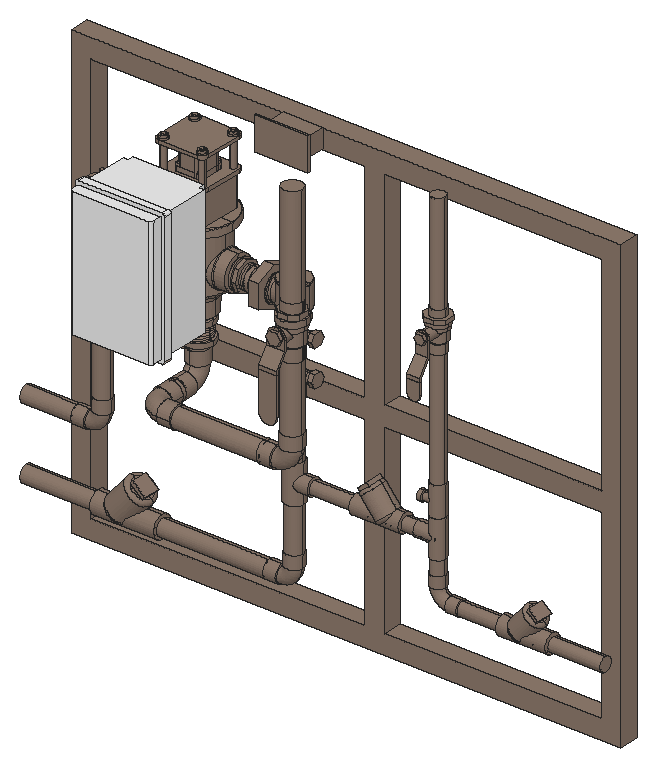
Revit family "Mixing_Valve-Leonard_Valve_Company-NV_150_LF_IF_R100-1", category Pipe Accessories, Revit 2015
Parameters (values of type "NV-150-LF-IF-R100")
  Youtube clip = ""
  Weight Net (Kg) = "0"
  Uniformat II Description = ""
  Uniformat II Code = ""
  Uniclass 2015 Name = ""
  Uniclass 2015 Code = ""
  Uniclass 2.0 Description = ""
  Uniclass 2.0 Code = ""
  Uniclass 1.4 Description = ""
  Uniclass 1.4 Code = ""
  URL = "http://www.leonardvalve.com/"
  UNSPSC Code = "401416"
  Technical description = ""
  Valve Box Material = Steel-Leonard_Valve_Company-Baked_White
  Return Outlet Flow [instance] = 0.0 L/s
  Return Inlet Flow [instance] = 0.0 L/s
  Region South America = "None"
  Region Oceania = "None"
  Region North America = "US"
  Region Middle East = "None"
  Region Europe = "None"
  Region Asia = "None"
  Region Antarctica = "None"
  Region Africa = "None"
  QR code = "http://bimobject.com/leonardvalvecompany/product/nv-150-lf-if-r100"
  Product url = "http://www.leonardvalvecompany.com/nucleus.html"
  Product group = "Digitally Controlled Mixing Valves"
  Product family = "Mixing Valves for Liquid Services"
  Product data url = "https://bimobject.com/leonardvalvecompany/product/nv-150-lf-if-r100"
  Product certification = ""
  Product SKU = "nv-150-lf-if-r100"
  Product Guid = "187b3c3c-c397-4c07-ba82-121bc6b99f2b"
  Pipe Radius .625 = 0.6875"
  Pipe Radius .75 = 0.8125"
  Pipe Radius .5 = 0.5625"
  OmniClass Description = "Mixing Valves"
  OmniClass Code = "23-27 31 29"
  Nominal width = 0.0000"
  Nominal height = 0.0000"
  NBS Reference Description = ""
  NBS Reference Code = ""
  Model = "NV-150-LF-IF-R100"
  Mixed Outlet Flow [instance] = 0.0 L/s
  Material secondary = ""
  Material main = ""
  Masterformat 2014 Description = ""
  Masterformat 2014 Code = ""
  Manufacturer name = "Leonard Valve Company"
  Manufacturer country = "United States"
  Manufacturer = "Leonard Valve Company"
  Installation instructions = ""
  IFC Classification = "Valve"
  Hot Water Inlet Flow [instance] = 0.0 L/s
  Edition number = 1
  EAN code = ""
  Design country = "United States"
  Description = "The Nucleus Digitally Controlled Mixing Valve from Leonard Valve Company serves as the central monitor & control of a Domestic Hot Water System. The Nucleus Digitally Controlled Mixing Valve capabilities include:\r\n\r\n+/- 2°F Mixed Water Temperature in accordance with ASSE 1017-2009.\r\n+/- 2°F Mixed Water Temperature during periods of low or no system demand\r\n0.5 GPM Minimum Flow with Continuously Operating Recirculation Pump\r\nAutomatic Shutoff of Valve upon Cold or Hot Supply Failure\r\nSystem Setup & Commissioning from Nucleus Control Module–no PC or Laptop Required\r\nLCD Display & Sensor Indicators – Set Point Temperature & Actual Temperature\r\nBMS Interface – Native Support for Six Different Protocols including BACnet & Modbus\r\nEthernet Connection for PC or LAN for Valve Programming or Interrogation\r\nWeb Server to remotely monitor & control Nucleus Mixing Valve\r\nData Logger – stores up to 30 days of temperatures, pressure & flows\r\nNucleus is UL Listed & Approved to E484833. Eco-Mix Certified Lead Free Construction"
  Date of publishing = ""
  Chilled Water Inlet Flow [instance] = 0.0 L/s
  COBIe Type Category = ""
  Pipe Material = Bronze-Leonard_Valve_Company
  Brand url = "http://www.leonardvalve.com/"
  BIMobject category = "Valves"
Reference planes (in)
  plane 1 "Center (Front/Back)": y = 0
  plane 2: z = 0
  plane 3 "Center (Left/Right)": x = 0
  plane 4: y = -8.14269
  plane 5: z = 11.5625
  plane 6: z = 5.5625
  plane 7: z = 13
  plane 8: x = 8.04034
  plane 9: x = -8.02027
  plane 10: x = 11.89287
  plane 11: x = 20.08037
  plane 12: z = 8.25
  plane 13: y = -5.02593
  plane 14: y = -10.05593
  plane 15: z = 17.8675
Forms (in)
  Sweep 1, solid, material "Bronze-Leonard_Valve_Company" <- "Pipe Material", detail levels fine
    path origin (7.32932, -10.05593, 77.8675) x (0, 0, 1) y (1, 0, 0)
      loop
        line (-60, -5.01932) -> (-60, 2.44105)
    profile "Fitting-Profile_R0.75 : Fitting-Profile_R0.75" origin (6.04018, -10.05593, 17.8675) x (0, 0, -1) y (0, 1, 0)
      loop
        circle (0, 0) r 0.8125
  Sweep 2, solid, material "Bronze-Leonard_Valve_Company" <- "Pipe Material", detail levels fine
    path origin (0, -5.02593, 27.13433) x (1, 0, 0) y (0, 0, 1)
      loop
        line (-8.02027, -6.393) -> (-8.02027, -13.53433)
    profile "Fitting-Profile_R0.625 : Fitting-Profile_R0.625" origin (-8.02027, -5.02593, 17.17067) x (1, 0, 0) y (0, -1, 0)
      loop
        circle (0, 0) r 0.6875
  Sweep 3, solid, material "Bronze-Leonard_Valve_Company" <- "Pipe Material", detail levels fine
    path origin (0, -5.02593, 27.13433) x (1, 0, 0) y (0, 0, 1)
      loop
        line (-14.37963, -15.57183) -> (-10.07527, -15.57183)
    profile "Fitting-Profile_R0.625 : Fitting-Profile_R0.625" origin (-12.22745, -5.02593, 11.5625) x (0, 0, 1) y (0, -1, 0)
      loop
        circle (0, 0) r 0.6875
  Sweep 4, solid, material "Bronze-Leonard_Valve_Company" <- "Pipe Material", detail levels fine
    path origin (0, -5.02593, 27.13433) x (1, 0, 0) y (0, 0, 1)
      loop
        line (8.04034, -7.94403) -> (8.04034, -19.53433)
    profile "Fitting-Profile_R0.625 : Fitting-Profile_R0.625" origin (8.04034, -5.02593, 13.39515) x (1, 0, 0) y (0, -1, 0)
      loop
        circle (0, 0) r 0.6875
  Sweep 5, solid, material "Bronze-Leonard_Valve_Company" <- "Pipe Material", detail levels fine
    path origin (0, -5.02593, 27.13433) x (1, 0, 0) y (0, 0, 1)
      loop
        line (5.98534, -21.57183) -> (-14.37963, -21.57183)
    profile "Fitting-Profile_R0.625 : Fitting-Profile_R0.625" origin (-4.19715, -5.02593, 5.5625) x (0, 0, -1) y (0, -1, 0)
      loop
        circle (0, 0) r 0.6875
  Sweep 6, solid, material "Bronze-Leonard_Valve_Company" <- "Pipe Material", detail levels fine
    path origin (0, -5.02593, 27.13433) x (1, 0, 0) y (0, 0, 1)
      loop
        line (22.05537, -18.88433) -> (34.08037, -18.88433)
    profile "Fitting-Profile_R0.50 : Fitting-Profile_R0.50" origin (28.06787, -5.02593, 8.25) x (0, 0, 1) y (0, -1, 0)
      loop
        circle (0, 0) r 0.5625
  Extrusion 7, solid, material "Bronze-Leonard_Valve_Company" <- "Pipe Material", detail levels fine
    sketch origin (-78.74016, 0, 74.37843) x (-1, 0, 0) y (0, 0, 1)
      loop
        line (-65.40739, -36.62843) -> (-111.40739, -36.62843) -> (-111.40739, -74.37843) -> (-65.40739, -74.37843) -> (-65.40739, -36.62843)
      loop
        line (-67.04053, -38.25843) -> (-89.96989, -38.25843) -> (-89.96989, -55.62843) -> (-67.04053, -55.62843) -> (-67.04053, -38.25843)
      loop
        line (-67.04053, -57.25343) -> (-89.96989, -57.25343) -> (-89.96989, -72.75843) -> (-67.04053, -72.75843) -> (-67.04053, -57.25343)
      loop
        line (-91.59489, -57.25343) -> (-109.79053, -57.25343) -> (-109.79053, -72.75843) -> (-91.59489, -72.75843) -> (-91.59489, -57.25343)
      loop
        line (-91.59489, -38.25843) -> (-109.79053, -38.25843) -> (-109.79053, -55.62843) -> (-91.59489, -55.62843) -> (-91.59489, -38.25843)
    from 0 to -1.63
  Sweep 8, solid, material "Bronze-Leonard_Valve_Company" <- "Pipe Material", detail levels fine
    path origin (-0.1875, -5.02593, 27.13433) x (1, 0, 0) y (0, 0, 1)
      loop
        line (20.26787, 11.45567) -> (20.26787, -16.90433)
    profile "Fitting-Profile_R0.50 : Fitting-Profile_R0.50" origin (20.08037, -5.02593, 24.41) x (1, 0, 0) y (0, -1, 0)
      loop
        circle (0, 0) r 0.5625
  Sweep 9, solid, material "Bronze-Leonard_Valve_Company" <- "Pipe Material", detail levels fine
    path origin (11.17287, -10.05593, 18.5875) x (0, 0, 1) y (-1, 0, 0)
      loop
        line (19.98, -0.72) -> (1.59, -0.72)
    profile "Fitting-Profile_R0.75 : Fitting-Profile_R0.75" origin (11.89287, -10.05593, 29.3725) x (1, 0, 0) y (0, -1, 0)
      loop
        circle (0, 0) r 0.8125
  Sweep 10, solid, material "Bronze-Leonard_Valve_Company" <- "Pipe Material", detail levels fine
    path origin (0, -5.02593, 26.76903) x (1, 0, 0) y (0, 0, 1)
      loop
        line (9.69534, -13.76903) -> (20.26787, -13.76903)
    profile "Fitting-Profile_R0.50 : Fitting-Profile_R0.50" origin (14.9816, -5.02593, 13) x (0, 0, 1) y (0, -1, 0)
      loop
        circle (0, 0) r 0.5625
  Sweep 11, solid, material "Bronze-Leonard_Valve_Company" <- "Pipe Material", detail levels fine
    path origin (0, 0, 0) x (0, 1, 0) y (0, 0, 1)
      loop
        line (-7.74593, 17.8675) -> (-7.33593, 17.8675)
    profile "Fitting-Profile_R0.75 : Fitting-Profile_R0.75" origin (0, -7.54093, 17.8675) x (0, 0, 1) y (1, 0, 0)
      loop
        circle (0, 0) r 0.8125
  Extrusion 12, solid, material "Bronze-Leonard_Valve_Company" <- "Pipe Material", detail levels fine
    sketch origin (-80.20309, -3.76, 80.2105) x (-1, 0, 0) y (0, 0, 1)
      loop
        line (-84.03408, -41.8405) -> (-88.54698, -41.8405) -> (-88.54698, -44.59504) -> (-84.03408, -44.59504) -> (-84.03408, -41.8405)
    from 0 to -0.2
  Extrusion 13, solid, material "Bronze-Leonard_Valve_Company" <- "Pipe Material", detail levels fine
    sketch origin (-80.20309, -3.76, 80.2105) x (-1, 0, 0) y (0, 0, 1)
      loop
        line (-84.63408, -42.4405) -> (-87.92928, -42.4405) -> (-87.92928, -43.99504) -> (-84.63408, -43.99504) -> (-84.63408, -42.4405)
    from 0 to 2.13
Lines and regions (in)
  Masking region 1, detail levels coarse+medium
    outline origin (0, 0, 0) x (1, 0, 0) y (0, 1, 0)
      loop
        circle (0, -5.02593) r 2.90334
  model lines, detail levels coarse+medium
    curve 1: line (8.04034, -5.02593, 24.9903) -> (8.04034, -5.02593, 22.8093)
    curve 2: line (-8.02027, -5.02593, 26.54133) -> (-8.02027, -5.02593, 28.37808)
    curve 3: line (-8.02027, -5.02593, 28.37808) -> (-3.73963, -5.02593, 28.37808)
    curve 4: line (-3.73963, -5.02593, 34.96) -> (3.73963, -5.02593, 34.96)
    curve 5: line (-3.73963, -5.02593, 23.617) -> (-3.73963, -5.02593, 34.96)
    curve 6: line (3.73963, -5.02593, 23.617) -> (-3.73963, -5.02593, 23.617)
    curve 7: line (3.73963, -5.02593, 34.96) -> (3.73963, -5.02593, 23.617)
    curve 8: line (8.04034, -5.02593, 26.82723) -> (8.04034, -5.02593, 24.9903)
    curve 9: line (-10.07527, -5.02593, 11.5625) -> (-14.37963, -5.02593, 11.5625)
    curve 10: line (-14.37963, -5.02593, 5.5625) -> (-8.36163, -5.02593, 5.5625)
    curve 11: line (-3.01763, -5.02593, 5.5625) -> (5.98534, -5.02593, 5.5625)
    curve 12: line (8.04034, -5.02593, 11.7963) -> (8.04034, -5.02593, 7.6)
    curve 13: line (8.04034, -5.02593, 19.1903) -> (8.04034, -5.02593, 14.569)
    curve 14: line (22.24287, -5.02593, 8.25) -> (25.54587, -5.02593, 8.25)
    curve 15: line (29.66487, -5.02593, 8.25) -> (34.08037, -5.02593, 8.25)
    curve 16: line (-8.02027, -5.02593, 20.74133) -> (-8.02027, -5.02593, 13.6)
    curve 17: line (0, -5.02593, 23.617) -> (0, -5.02593, 19.78063)
    curve 18: line (2.31, -10.05593, 17.8675) -> (9.69534, -10.05593, 17.8675)
    curve 19: line (20.08037, -5.02593, 11.83696) -> (20.08037, -5.02593, 10.23)
    curve 20: line (20.08037, -5.02593, 38.59) -> (20.08037, -5.02593, 30.43503)
    curve 21: line (11.89287, -10.05593, 38.59) -> (11.89287, -10.05593, 30.22018)
    curve 22: line (9.69534, -5.02593, 13) -> (13.24587, -5.02593, 13)
    curve 23: line (17.17737, -5.02593, 13) -> (18.48624, -5.02593, 13)
    curve 24: line (20.08037, -5.02593, 14.59375) -> (20.08037, -5.02593, 14.52834)
    curve 25: line (19.13375, -5.02593, 30.43503) -> (21.02698, -5.02593, 30.43503)
    curve 26: line (21.02698, -5.02593, 30.43503) -> (20.08037, -5.02593, 28.56522)
    curve 27: line (19.13375, -5.02593, 30.43503) -> (20.08037, -5.02593, 28.56522)
    curve 28: line (19.13375, -5.02593, 26.6954) -> (21.02698, -5.02593, 26.6954)
    curve 29: line (21.02698, -5.02593, 26.6954) -> (20.08037, -5.02593, 28.56522)
    curve 30: line (19.13375, -5.02593, 26.6954) -> (20.08037, -5.02593, 28.56522)
    curve 31: line (20.08037, -5.02593, 28.56522) -> (18.58037, -5.02593, 28.56522)
    curve 32: line (18.58037, -5.02593, 28.56522) -> (18.58037, -5.02593, 29.31522)
    curve 33: line (18.58037, -5.02593, 28.56522) -> (18.58037, -5.02593, 27.81522)
    curve 34: line (10.94625, -10.05593, 30.22018) -> (12.83948, -10.05593, 30.22018)
    curve 35: line (12.83948, -10.05593, 30.22018) -> (11.89287, -10.05593, 28.35036)
    curve 36: line (10.94625, -10.05593, 30.22018) -> (11.89287, -10.05593, 28.35036)
    curve 37: line (10.94625, -10.05593, 26.48054) -> (12.83948, -10.05593, 26.48054)
    curve 38: line (12.83948, -10.05593, 26.48054) -> (11.89287, -10.05593, 28.35036)
    curve 39: line (10.94625, -10.05593, 26.48054) -> (11.89287, -10.05593, 28.35036)
    curve 40: line (11.89287, -10.05593, 28.35036) -> (10.39287, -10.05593, 28.35036)
    curve 41: line (10.39287, -10.05593, 28.32786) -> (10.39287, -10.05593, 29.07786)
    curve 42: line (10.39287, -10.05593, 28.32786) -> (10.39287, -10.05593, 27.57786)
    curve 43: line (20.08037, -5.02593, 26.6954) -> (20.08037, -5.02593, 17.06375)
    curve 44: line (11.89287, -10.05593, 26.48054) -> (11.89287, -10.05593, 20.2)
    curve 45: line (8.04034, -5.02593, 26.82723) -> (3.73963, -5.02593, 26.82723)
  model lines
    curve 46: line (0, -7.74593, 17.8675) -> (0, -7.33593, 17.8675)
  symbolic lines, detail levels coarse+medium
    curve 47: line (-14.37963, -5.02593, 0) -> (-2.90334, -5.02593, 0)
    curve 48: line (2.90334, -5.02613, 0) -> (34.08637, -5.02613, 0)
    curve 49: line (25.54587, -4.24143, 0) -> (25.54587, -5.81043, 0)
    curve 50: line (29.66487, -4.24143, 0) -> (29.66487, -5.81043, 0)
    curve 51: line (13.24587, -4.24143, 0) -> (13.24587, -5.81043, 0)
    curve 52: line (17.36487, -4.24143, 0) -> (17.36487, -5.81043, 0)
    curve 53: line (11.89287, -10.05593, 0) -> (1.22, -10.05593, 0)
    curve 54: line (0, -7.92186, 0) -> (0, -8.83593, 0)
    curve 55: line (2.31, -9.18593, 0) -> (2.31, -10.92593, 0)
    curve 56: arc (0, -8.83593, 0) -> (0.35733, -9.6986, 0) -> (1.22, -10.05593, 0) r 1.22
Dimensions and locks (in)
  plane 11 to plane 10 to plane 8 to plane 3 "Center (Left/Right)" to plane 9 = 8.1875" locked, 3.85253" locked, 8.04034" locked, 8.02027" locked
  plane 15 to plane 7 to plane 5 to plane 12 to plane 6 to plane 2 = 4.8675" locked, 1.4375" locked, 3.3125" locked, 2.6875" locked, 5.5625" locked
  aligned and locked: level to plane 2
  aligned and locked: nested 4 to nested 2
  aligned and locked: nested 11 to curve 10
  aligned and locked: nested 11 to curve 11
  aligned and locked: nested 18 to curve 23
  aligned and locked: nested 3 to Sweep 11 sketch curve
  aligned and locked: nested 4 to Sweep 11 sketch curve
  aligned and locked: nested 7 to plane 5
  aligned and locked: plane 9 to nested 7
  aligned and locked: nested 6 to plane 9
  aligned and locked: nested 5 to plane 9
  aligned and locked: plane 3 "Center (Left/Right)" to nested 2
  aligned and locked: plane 3 "Center (Left/Right)" to nested 1
  aligned and locked: nested 3 to plane 3 "Center (Left/Right)"
  aligned and locked: nested 4 to plane 15
  aligned and locked: nested 8 to plane 8
  aligned and locked: nested 9 to plane 8
  aligned and locked: plane 8 to nested 17
  aligned and locked: nested 17 to plane 7
  aligned and locked: plane 8 to nested 10
  aligned and locked: nested 10 to plane 6
  aligned and locked: plane 6 to nested 11
  aligned and locked: plane 11 to nested 12
  aligned and locked: nested 12 to plane 12
  aligned and locked: plane 11 to nested 18
  aligned and locked: plane 7 to nested 18
  aligned and locked: plane 11 to nested 13
  aligned and locked: plane 10 to nested 16
  aligned and locked: plane 11 to nested 14
  aligned and locked: Sweep 2 sketch curve to plane 9
  aligned and locked: Sweep 3 sketch curve to plane 5
  aligned and locked: plane 6 to Sweep 5 sketch curve
  aligned and locked: Sweep 4 sketch curve to plane 8
  aligned and locked: Sweep 1 sketch curve to plane 15
  aligned and locked: nested 15 to plane 15
  aligned and locked: Sweep 9 sketch curve to plane 10
  aligned and locked: Sweep 10 sketch curve to plane 7
  aligned and locked: Sweep 8 sketch curve to plane 11
  aligned and locked: plane 12 to Sweep 6 sketch curve
  aligned and locked: plane 15 to Sweep 11 sketch curve
Nested families (in)
  nested 1: "Mixing-Valve-Nucleus_NV-150-LF" at (0, -5.02593, 27.38433), type "NV-150-RF-IF-RTS", detail levels fine
  nested 2: "Box_NV-150-LF" at (0, -11.17369, 23.617), type "Box_NV-150-LF", detail levels fine
  nested 3: "Fitting-Elbow_Leonard-Valve-Company" at (0, -5.74593, 18.61) x (0, -1, 0) z (0, 0, 1), type "Fitting-Elbow_Leonard-Valve-Company_1.5"
    with Width 3.1800", Pipe Diameter 1.5800", Height 3.1800", Elbow Top 1.7400", Elbow Lenght 2.0900", Diameter 1.5000"
  nested 4: "Fitting-Elbow_Leonard-Valve-Company" at (0.72, -9.33593, 17.8675) x (0, 1, 0) z (1, 0, 0), type "Fitting-Elbow_Leonard-Valve-Company_1.5"
    with Width 3.1800", Pipe Diameter 1.5800", Height 3.1800", Elbow Top 1.7400", Elbow Lenght 2.0900", Diameter 1.5000"
  nested 5: "Fitting-Tee_NV-150-LF-IF-R100_Upper" at (-8.02027, -5.02593, 25.68133) x (-1, 0, 0) z (0, 0, 1), type "Fitting-Tee_NV-150-LF-IF-R100_Upper"
  nested 6: "Fitting-Tee_NV-150-LF-IF-R100_Bottom" at (-8.02027, -5.02593, 22.66133) x (-1, 0, 0) z (0, 0, 1), type "Fitting-Tee_NV-150-LF-IF-R100_Bottom"
  nested 7: "Fitting-Elbow_Leonard-Valve-Company" at (-8.68027, -5.02593, 12.2225) x (-1, 0, 0) z (0, 0, 1), type "Fitting-Elbow_Leonard-Valve-Company_1.25"
  nested 8: "Fitting-Tee_NV-150-LF-IF-R100_Upper" at (8.04034, -5.02593, 24.1303) x (-1, 0, 0) z (0, 0, 1), type "Fitting-Tee_NV-150-LF-IF-R100_Upper"
  nested 9: "Fitting-Tee_NV-150-LF-IF-R100_Bottom" at (8.04034, -5.02593, 21.1103) x (-1, 0, 0) z (0, 0, 1), type "Fitting-Tee_NV-150-LF-IF-R100_Bottom"
  nested 10: "Fitting-Elbow_Leonard-Valve-Company" at (7.38034, -5.02593, 6.2225) x (-1, 0, 0) z (0, 0, 1), type "Fitting-Elbow_Leonard-Valve-Company_1.25"
  nested 11: "Valve-Check_Leonard-Valve-Company" at (-5.68963, -5.02593, 5.5625), type "Valve-Check_Leonard-Valve-Company_1.25"
  nested 12: "Fitting-Elbow_Leonard-Valve-Company" at (20.76037, -5.02593, 8.93), type "Fitting-Elbow_Leonard-Valve-Company_1.0"
    with Width 2.5900", Pipe Diameter 1.1200", Height 2.5900", Elbow Top 1.2300", Elbow Lenght 1.6800", Diameter 1.0000"
  nested 13: "Fitting-Tee_NV-150-LF-IF-R100_Middle" at (20.08037, -5.02593, 15.59375), type "Fitting-Tee_NV-150-LF-IF-R100_Middle"
  nested 14: "Valve-Ball_Leonard-Valve-Company_R1.0" at (20.08037, -5.02593, 28.4625), type "Valve-Ball_Leonard-Valve-Company_R1.0", detail levels fine
  nested 15: "Fitting-Elbow_Leonard-Valve-Company" at (11.17287, -10.05593, 18.5875) x (-1, 0, 0) z (0, 0, 1), type "Fitting-Elbow_Leonard-Valve-Company_1.5"
    with Width 3.1800", Pipe Diameter 1.5800", Height 3.1800", Elbow Top 1.7400", Elbow Lenght 2.0900", Diameter 1.5000"
  nested 16: "Valve-Ball_Leonard-Valve-Company_R1.25" at (11.89287, -10.05593, 28.3725), type "Valve-Ball_Leonard-Valve-Company_R1.25", detail levels fine
  nested 17: "Fitting-Tee_Leonard-Valve-Company" at (8.04034, -5.02593, 13) x (0, 0, -1) z (1, 0, 0), type "Fitting-Tee_Leonard-Valve-Company_1.25_01"
  nested 18: "Fitting-Tee_Leonard-Valve-Company" at (20.08037, -5.02593, 13) x (0, 0, -1) z (-1, 0, 0), type "Fitting-Tee_Leonard-Valve-Company_1.0"
  nested 19: "Valve-Check_Leonard-Valve-Company" at (27.60537, -5.02593, 8.25), type "Valve-Check_Leonard-Valve-Company_1.0"
  nested 20: "Valve-Check_Leonard-Valve-Company" at (15.30537, -5.02593, 13) x (-1, 0, 0) z (0, 0, 1), type "Valve-Check_Leonard-Valve-Company_1.0"
Connectors (in)
  piping at (-14.37963, -5.02593, 11.5625), diameter 1.25, driven by "Hot Water Inlet Flow"
    settings: on Sweep 3, index 14, connector inside diameter 609.6 mm, connector length 0.0000", flow factor 0, pipe flow 0.0 L/s, pressure drop 0.0 Pa, fitting loss kfactor 0, connector angle 0.00°, fixture units 0, engagement length 0.0000", angle of deflection 0.00°, flow configuration 0, flow direction 1, fitting loss method 0, system type 19, joint type 0, gender type 0, connector reference index -1, connector utility 0, adjustable connector no, is connector primary yes, connector description "Hot Water Inlet"
  piping at (-14.37963, -5.02593, 5.5625), diameter 1.25, driven by "Chilled Water Inlet Flow"
    settings: on Sweep 5, index 15, connector inside diameter 609.6 mm, connector length 0.0000", flow factor 0, pipe flow 0.0 L/s, pressure drop 0.0 Pa, fitting loss kfactor 0, connector angle 0.00°, fixture units 0, engagement length 0.0000", angle of deflection 0.00°, flow configuration 0, flow direction 1, fitting loss method 0, system type 20, joint type 0, gender type 0, connector reference index -1, connector utility 0, adjustable connector no, is connector primary no, connector description "Chilled Water Inlet"
  piping at (20.08037, -5.02593, 38.59), diameter 1, driven by "Return Inlet Flow"
    settings: on Sweep 8, index 16, connector inside diameter 609.6 mm, connector length 0.0000", flow factor 0, pipe flow 0.0 L/s, pressure drop 0.0 Pa, fitting loss kfactor 0, connector angle 0.00°, fixture units 0, engagement length 0.0000", angle of deflection 0.00°, flow configuration 0, flow direction 1, fitting loss method 0, system type 8, joint type 0, gender type 0, connector reference index -1, connector utility 0, adjustable connector no, is connector primary no, connector description "Return Inlet"
  piping at (11.89287, -10.05593, 38.5675), diameter 1.5, driven by "Mixed Outlet Flow"
    settings: on Sweep 9, index 17, connector inside diameter 609.6 mm, connector length 0.0000", flow factor 0, pipe flow 0.0 L/s, pressure drop 0.0 Pa, fitting loss kfactor 0, connector angle 0.00°, fixture units 0, engagement length 0.0000", angle of deflection 0.00°, flow configuration 0, flow direction 2, fitting loss method 0, system type 7, joint type 0, gender type 0, connector reference index -1, connector utility 0, adjustable connector no, is connector primary no, connector description "Mixed Outlet"
  piping at (34.08037, -5.02593, 8.25), diameter 1, driven by "Return Outlet Flow"
    settings: on Sweep 6, index 18, connector inside diameter 609.6 mm, connector length 0.0000", flow factor 0, pipe flow 0.0 L/s, pressure drop 0.0 Pa, fitting loss kfactor 0, connector angle 0.00°, fixture units 0, engagement length 0.0000", angle of deflection 0.00°, flow configuration 0, flow direction 2, fitting loss method 0, system type 8, joint type 0, gender type 0, connector reference index -1, connector utility 0, adjustable connector no, is connector primary no, connector description "Return Outlet"
Definition of nested family "Mixing-Valve-Nucleus_NV-150-LF"
  Parameters (values of type "NV-150-RF-IF-RTS")
    NV-150-RF-IF-RTS = yes
    NV-150-LF-IF-RTS Additional part = 7.5000"
    Default Elevation = 48.0000"
    Bronze - Leonard Valve Company = none
  Types (3): name | NV-150-RF-IF-RTS | NV-150-LF-IF-RTS Additional part
    (no name) | yes | 7.5000"
    NV-150-RF-IF-RTS | yes | 7.5000"
    NV-150-RF-IF BASE | no | 0.5000"
  Reference planes (in)
    plane 1 "Center (Front/Back)": y = 0
    plane 2: z = 0
    plane 3 "Center (Left/Right)": x = 0
    plane 4: y = 1.1142
    plane 5: y = -1.1142
    plane 6: y = 2.13305
    plane 7: y = -1.65625
    plane 8: y = 1.63116
    plane 9: y = -1.63116
    plane 10: y = 0.9282
    plane 11: y = -0.9282
    plane 12: x = -1.23968
    plane 13: x = 1.23968
    plane 14: y = 1.24452
    plane 15: y = -1.24452
    plane 16: y = 1.65625
    plane 17: y = -1.53078
    plane 18: z = -2.39403
    plane 19: x = 9.29508
    plane 20: y = 0.6535
    plane 21: y = -0.6535
    plane 22: y = 0.2185
    plane 23: y = -0.2185
    plane 24: x = -9.275
    plane 25: x = -2.21335
    plane 26: x = -1.97244
    plane 27: x = -2.34384
    plane 28: y = 0.25597
    plane 29: y = -0.25597
    plane 30: x = 1.998
    plane 31: y = -2.13305
    plane 32: x = -1.07907
    plane 33: x = 1.07907
    plane 34: y = 1.88215
    plane 35: y = -1.92225
    plane 36: y = -1.88215
    plane 37: z = -0.84319
    plane 38: x = -1.62112
    plane 39: x = 1.62112
    plane 40: z = 8.58741
    plane 41: z = 8.33646
    plane 42: z = 6.07794
    plane 43: z = 5.82699
    plane 44: z = 3.09669
    plane 45: z = -2.95114
    plane 46: x = -2.7554
    plane 47: z = -1.89403
    plane 48: z = -0.25
  Forms (in)
    Revolve 1, solid, material <- "Bronze - Leonard Valve Company", detail levels fine
      sketch origin (0, 0, 0) x (1, 0, 0) y (0, 0, 1)
        loop
          line (-2.89593, 2.44924) -> (0, 2.44924) -> (0, 3.09669) -> (-2.85578, 3.09669)
          arc (-2.85578, 3.09669) -> (-2.87707, 3.08787) -> (-2.88589, 3.06657) r 0.03011
          line (-2.88589, 3.06657) -> (-2.89593, 2.44924)
        axis (0, 3.09669) -> (0, 2.44924)
      angle from 0 to 360
    Sweep 2, solid, material <- "Bronze - Leonard Valve Company", detail levels fine
      path origin (0, 0, 0) x (1, 0, 0) y (0, 0, 1)
        loop
          line (0, 6.07794) -> (0, 5.82699)
      profile origin (0, 0, 5.95246) x (0, -1, 0) y (1, 0, 0)
        loop
          arc (-2.13305, -1.63111) -> (-1.98605, -1.986) -> (-1.63116, -2.133) r 0.50189
          line (-1.63116, -2.133) -> (1.63116, -2.133)
          arc (1.63116, -2.133) -> (1.98605, -1.986) -> (2.13305, -1.63111) r 0.50189
          line (2.13305, -1.63111) -> (2.13305, 1.63111)
          arc (2.13305, 1.63111) -> (1.98605, 1.986) -> (1.63116, 2.133) r 0.50189
          line (1.63116, 2.133) -> (-1.63116, 2.133)
          arc (-1.63116, 2.133) -> (-1.98605, 1.986) -> (-2.13305, 1.63111) r 0.50189
          line (-2.13305, 1.63111) -> (-2.13305, -1.63111)
    Sweep 3, solid, material <- "Bronze - Leonard Valve Company", detail levels fine
      path origin (0, 0, 0) x (1, 0, 0) y (0, 0, 1)
        loop
          line (0, 6.07794) -> (0, 7.84962)
      profile origin (0, 0, 6.96378) x (-1, 0, 0) y (0, -1, 0)
        loop
          arc (0.58009, -1.1142) -> (0.69357, -1.05731) -> (0.73829, -0.93851) r 0.17417
          arc (0.73829, -0.93851) -> (0.79399, -0.80403) -> (0.92847, -0.74833) r 0.19019
          arc (0.92847, -0.74833) -> (1.04487, -0.70481) -> (1.10417, -0.5956) r 0.17742
          line (1.10417, -0.5956) -> (1.10417, 0.5956)
          arc (1.10417, 0.5956) -> (1.04487, 0.70481) -> (0.92847, 0.74833) r 0.17742
          arc (0.92847, 0.74833) -> (0.79399, 0.80403) -> (0.73829, 0.93851) r 0.19019
          arc (0.73829, 0.93851) -> (0.69357, 1.05731) -> (0.58009, 1.1142) r 0.17417
          line (0.58009, 1.1142) -> (-0.58009, 1.1142)
          arc (-0.58009, 1.1142) -> (-0.69357, 1.05731) -> (-0.73829, 0.93851) r 0.17417
          arc (-0.73829, 0.93851) -> (-0.79399, 0.80403) -> (-0.92847, 0.74833) r 0.19019
          arc (-0.92847, 0.74833) -> (-1.04487, 0.70481) -> (-1.10417, 0.5956) r 0.17742
          line (-1.10417, 0.5956) -> (-1.10417, -0.5956)
          arc (-1.10417, -0.5956) -> (-1.04487, -0.70481) -> (-0.92847, -0.74833) r 0.17742
          arc (-0.92847, -0.74833) -> (-0.79399, -0.80403) -> (-0.73829, -0.93851) r 0.19019
          arc (-0.73829, -0.93851) -> (-0.69357, -1.05731) -> (-0.58009, -1.1142) r 0.17417
          line (-0.58009, -1.1142) -> (0.58009, -1.1142)
    Sweep 4, solid, material <- "Bronze - Leonard Valve Company", detail levels fine
      path origin (0, 0, 0) x (1, 0, 0) y (0, 0, 1)
        loop
          line (0, 6.07794) -> (0, 6.45938)
      profile origin (0, 0, 6.26866) x (-1, 0, 0) y (0, -1, 0)
        loop
          arc (0.94938, -1.1142) -> (1.05883, -1.06887) -> (1.10417, -0.95942) r 0.15479
          line (1.10417, -0.95942) -> (1.10417, 0.95942)
          arc (1.10417, 0.95942) -> (1.05883, 1.06887) -> (0.94938, 1.1142) r 0.15479
          line (0.94938, 1.1142) -> (-0.94938, 1.1142)
          arc (-0.94938, 1.1142) -> (-1.05883, 1.06887) -> (-1.10417, 0.95942) r 0.15479
          line (-1.10417, 0.95942) -> (-1.10417, -0.95942)
          arc (-1.10417, -0.95942) -> (-1.05883, -1.06887) -> (-0.94938, -1.1142) r 0.15479
          line (-0.94938, -1.1142) -> (0.94938, -1.1142)
    Sweep 5, solid, material <- "Bronze - Leonard Valve Company", detail levels fine
      path origin (-4.39662, 1.63116, 47.24409) x (-1, 0, 0) y (0, 0, 1)
        loop
          line (-2.7755, -41.16616) -> (-2.7755, -38.90764)
      profile origin (-1.62112, 1.63116, 7.2072) x (1, 0, 0) y (0, 1, 0)
        loop
          circle (0, 0) r 0.251
    Sweep 6, solid, material <- "Bronze - Leonard Valve Company", detail levels fine
      path origin (-4.39662, 1.63116, 47.24409) x (-1, 0, 0) y (0, 0, 1)
        loop
          line (-6.01773, -38.90764) -> (-6.01773, -41.16616)
      profile origin (1.62112, 1.63116, 7.2072) x (0, 1, 0) y (-1, 0, 0)
        loop
          circle (0, 0) r 0.251
    Sweep 7, solid, material <- "Bronze - Leonard Valve Company", detail levels fine
      path origin (-4.39662, -1.63116, 47.24409) x (-1, 0, 0) y (0, 0, 1)
        loop
          line (-2.7755, -38.90764) -> (-2.7755, -41.16616)
      profile origin (-1.62112, -1.63116, 7.2072) x (0, -1, 0) y (1, 0, 0)
        loop
          circle (0, 0) r 0.251
    Sweep 8, solid, material <- "Bronze - Leonard Valve Company", detail levels fine
      path origin (-4.39662, -1.63116, 47.24409) x (-1, 0, 0) y (0, 0, 1)
        loop
          line (-6.01773, -41.16616) -> (-6.01773, -38.90764)
      profile origin (1.62112, -1.63116, 7.2072) x (-1, 0, 0) y (0, -1, 0)
        loop
          circle (0, 0) r 0.251
    Sweep 9, solid, material <- "Bronze - Leonard Valve Company", detail levels fine
      path origin (0, 0, 0) x (1, 0, 0) y (0, 0, 1)
        loop
          line (0, 8.58741) -> (0, 8.33646)
      profile origin (0, 0, 8.46193) x (0, -1, 0) y (1, 0, 0)
        loop
          arc (-2.13305, -1.63111) -> (-1.98605, -1.986) -> (-1.63116, -2.133) r 0.50189
          line (-1.63116, -2.133) -> (1.63116, -2.133)
          arc (1.63116, -2.133) -> (1.98605, -1.986) -> (2.13305, -1.63111) r 0.50189
          line (2.13305, -1.63111) -> (2.13305, 1.63111)
          arc (2.13305, 1.63111) -> (1.98605, 1.986) -> (1.63116, 2.133) r 0.50189
          line (1.63116, 2.133) -> (-1.63116, 2.133)
          arc (-1.63116, 2.133) -> (-1.98605, 1.986) -> (-2.13305, 1.63111) r 0.50189
          line (-2.13305, 1.63111) -> (-2.13305, -1.63111)
    Revolve 10, solid, material <- "Bronze - Leonard Valve Company", detail levels fine
      sketch origin (-4.39662, 1.63116, 47.24409) x (-1, 0, 0) y (0, 0, 1)
        loop
          line (-2.7755, -38.39069) -> (-2.7755, -38.65669) -> (-2.39908, -38.65669) -> (-2.39908, -38.59646) -> (-2.4844, -38.59646) -> (-2.4844, -38.41578) -> (-2.52455, -38.39069) -> (-2.7755, -38.39069)
        axis (-2.7755, -38.39069) -> (-2.7755, -38.65669)
      angle from 0 to 360
    Revolve 11, solid, material <- "Bronze - Leonard Valve Company", detail levels fine
      sketch origin (-1.40981, 0.9282, 47.24409) x (-1, 0, 0) y (0, 0, 1)
        loop
          line (-0.33073, -40.78472) -> (-0.33073, -40.594) -> (-0.49164, -40.594) -> (-0.49164, -40.78472) -> (-0.33073, -40.78472)
        axis (-0.49164, -40.594) -> (-0.49164, -40.78472)
      angle from 0 to 360
    Revolve 12, solid, material <- "Bronze - Leonard Valve Company", detail levels fine
      sketch origin (-1.40981, 0.9282, 47.24409) x (-1, 0, 0) y (0, 0, 1)
        loop
          line (-2.32797, -40.78472) -> (-2.32797, -40.594) -> (-2.48888, -40.594) -> (-2.48888, -40.78472) -> (-2.32797, -40.78472)
        axis (-2.32797, -40.594) -> (-2.32797, -40.78472)
      angle from 0 to 360
    Revolve 13, solid, material <- "Bronze - Leonard Valve Company", detail levels fine
      sketch origin (-1.40981, -0.9282, 47.24409) x (-1, 0, 0) y (0, 0, 1)
        loop
          line (-0.49164, -40.594) -> (-0.49164, -40.78472) -> (-0.33073, -40.78472) -> (-0.33073, -40.594) -> (-0.49164, -40.594)
        axis (-0.49164, -40.594) -> (-0.49164, -40.78472)
      angle from 0 to 360
    Revolve 14, solid, material <- "Bronze - Leonard Valve Company", detail levels fine
      sketch origin (-1.40981, -0.9282, 47.24409) x (-1, 0, 0) y (0, 0, 1)
        loop
          line (-2.32797, -40.594) -> (-2.48888, -40.594) -> (-2.48888, -40.78472) -> (-2.32797, -40.78472) -> (-2.32797, -40.594)
        axis (-2.32797, -40.594) -> (-2.32797, -40.78472)
      angle from 0 to 360
    Revolve 15, solid, material <- "Bronze - Leonard Valve Company", detail levels fine
      sketch origin (0, 0, 0) x (1, 0, 0) y (0, 0, 1)
        loop
          line (0, 2.44924) -> (0, -4.45682) -> (0, -7.91108) -> (0.80711, -7.91108) -> (0.80711, -6.91108) -> (0.91847, -6.91108) -> (1.25975, -6.75047) -> (1.25975, -6.38409) -> (1.01229, -6.38409) -> (0.90843, -6.32891) -> (1.07061, -6.24275) -> (0.90843, -6.15659) -> (1.07061, -6.07043) -> (0.90843, -5.98427) -> (1.07061, -5.89811) -> (0.90843, -5.81195) -> (1.07061, -5.72579) -> (0.90843, -5.63963) -> (1.07061, -5.55346) -> (0.90843, -5.4673) -> (1.07061, -5.38114) -> (0.90843, -5.29498) -> (1.00881, -5.23475) -> (1.23968, -5.23475) -> (1.23968, -4.83324)
          arc (1.23968, -4.83324) -> (1.17147, -4.80506) -> (1.11922, -4.75294) r 0.18931
          line (1.11922, -4.75294) -> (0.99877, -4.75294) -> (1.20956, -4.63248) -> (0.99375, -4.51705) -> (1.09413, -4.45682) -> (1.42036, -4.45682) -> (1.45437, -3.20146) -> (1.63172, -2.53958)
          arc (1.63172, -2.53958) -> (1.67655, -2.47436) -> (1.75161, -2.44924) r 0.12472
          line (1.75161, -2.44924) -> (2.17084, -2.44924)
          arc (2.17084, -2.44924) -> (2.28253, -2.40298) -> (2.32879, -2.29129) r 0.15795
          line (2.32879, -2.29129) -> (2.32879, 2.44924) -> (0, 2.44924)
        axis (0, 2.44924) -> (0, -7.91108)
      angle from 0 to 360
    Revolve 16, solid, material <- "Bronze - Leonard Valve Company", detail levels fine
      sketch origin (0, 0, 0) x (1, 0, 0) y (0, 0, 1)
        loop
          line (-1.23968, -2.49943) -> (-1.84697, -2.49943) -> (-1.84697, -2.69943) -> (-1.89215, -2.72147) -> (-1.97244, -2.72147) -> (-1.97244, -2.95114) -> (-1.23968, -2.95114) -> (-1.23968, -2.49943)
        axis (-1.23968, -2.95114) -> (-1.97244, -2.95114)
      angle from 0 to 360
    Sweep 17, solid, material <- "Bronze - Leonard Valve Company", detail levels fine
      path origin (0, 0, 0) x (1, 0, 0) y (0, 0, 1)
        loop
          line (-1.97244, -2.95114) -> (-2.21335, -2.95114)
      profile origin (-2.0929, 0, -2.95114) x (0, 0, -1) y (0, -1, 0)
        loop
          line (-0.32623, -0.13513) -> (-0.13513, -0.32623) -> (0.13513, -0.32623) -> (0.32623, -0.13513) -> (0.32623, 0.13513) -> (0.13513, 0.32623) -> (-0.13513, 0.32623) -> (-0.32623, 0.13513) -> (-0.32623, -0.13513)
    Revolve 18, solid, material <- "Bronze - Leonard Valve Company", detail levels fine
      sketch origin (0, 0, 0) x (1, 0, 0) y (0, 0, 1)
        loop
          line (-2.21335, -2.82566) -> (-2.28362, -2.82566) -> (-2.34384, -2.76544) -> (-2.34384, -2.95114) -> (-2.21335, -2.95114) -> (-2.21335, -2.82566)
        axis (-2.21335, -2.95114) -> (-2.34384, -2.95114)
      angle from 0 to 360
    Revolve 19, solid, material <- "Bronze - Leonard Valve Company", detail levels fine
      sketch origin (0, 0, 0) x (1, 0, 0) y (0, 0, 1)
        loop
          line (-2.7554, -2.7303) -> (-2.81563, -2.7303) -> (-2.81563, -2.88589) -> (-3.81941, -2.88589) -> (-3.81941, -2.95114) -> (-2.7554, -2.95114) -> (-2.7554, -2.7303)
        axis (-2.7554, -2.95114) -> (-3.81941, -2.95114)
      angle from 0 to 360
    Sweep 20, solid, material <- "Bronze - Leonard Valve Company", detail levels fine
      path origin (0, 0, 0) x (1, 0, 0) y (0, 0, 1)
        loop
          line (-2.7554, -2.95114) -> (-2.34384, -2.95114)
      profile origin (-2.54962, 0, -2.95114) x (0, 0, 1) y (0, -1, 0)
        loop
          line (0.25597, 0.10602) -> (0.10602, 0.25597) -> (-0.10602, 0.25597) -> (-0.25597, 0.10602) -> (-0.25597, -0.10602) -> (-0.10602, -0.25597) -> (0.10602, -0.25597) -> (0.25597, -0.10602) -> (0.25597, 0.10602)
    Revolve 21, solid, material <- "Bronze - Leonard Valve Company", detail levels fine
      sketch origin (-4.39662, 1.63116, 47.24409) x (-1, 0, 0) y (0, 0, 1)
        loop
          line (-6.39462, -38.65669) -> (-6.01773, -38.65669) -> (-6.01773, -38.39069) -> (-6.26868, -38.39069) -> (-6.30883, -38.41578) -> (-6.30883, -38.59646) -> (-6.39462, -38.59646) -> (-6.39462, -38.65669)
        axis (-6.01773, -38.39069) -> (-6.01773, -38.65669)
      angle from 0 to 360
    Revolve 22, solid, material <- "Bronze - Leonard Valve Company", detail levels fine
      sketch origin (-4.39662, -1.63116, 47.24409) x (-1, 0, 0) y (0, 0, 1)
        loop
          line (-2.39908, -38.65669) -> (-2.39908, -38.59646) -> (-2.4844, -38.59646) -> (-2.4844, -38.41578) -> (-2.52455, -38.39069) -> (-2.7755, -38.39069) -> (-2.7755, -38.65669) -> (-2.39908, -38.65669)
        axis (-2.7755, -38.39069) -> (-2.7755, -38.65669)
      angle from 0 to 360
    Revolve 23, solid, material <- "Bronze - Leonard Valve Company", detail levels fine
      sketch origin (-4.39662, -1.63116, 47.24409) x (-1, 0, 0) y (0, 0, 1)
        loop
          line (-6.39462, -38.65669) -> (-6.01773, -38.65669) -> (-6.01773, -38.39069) -> (-6.26868, -38.39069) -> (-6.30883, -38.41578) -> (-6.30883, -38.59646) -> (-6.39462, -38.59646) -> (-6.39462, -38.65669)
        axis (-6.01773, -38.39069) -> (-6.01773, -38.65669)
      angle from 0 to 360
    Sweep 24, solid, material <- "Bronze - Leonard Valve Company", detail levels fine
      path origin (0, 0, 0) x (1, 0, 0) y (0, 0, 1)
        loop
          line (0, 5.82699) -> (0, 3.09669)
      profile origin (0, 0, 4.46184) x (0, -1, 0) y (1, 0, 0)
        loop
          arc (-1.88215, -1.62106) -> (-1.80864, -1.79855) -> (-1.63115, -1.87206) r 0.251
          line (-1.63115, -1.87206) -> (1.63121, -1.87206)
          arc (1.63121, -1.87206) -> (1.80865, -1.79856) -> (1.88215, -1.62112) r 0.25095
          line (1.88215, -1.62112) -> (1.88215, 1.62112)
          arc (1.88215, 1.62112) -> (1.80865, 1.79856) -> (1.63121, 1.87206) r 0.25095
          line (1.63121, 1.87206) -> (-1.63121, 1.87206)
          arc (-1.63121, 1.87206) -> (-1.80865, 1.79856) -> (-1.88215, 1.62112) r 0.25095
          line (-1.88215, 1.62112) -> (-1.88215, -1.62106)
  Lines and regions (in)
    model lines, detail levels coarse+medium
      curve 1: line (8.04034, 0, -2.39403) -> (8.04034, 0, -0.37391)
      curve 2: line (8.04034, 0, -0.37391) -> (0, 0, -0.37391)
  Dimensions and locks (in)
    equal spacing: Sweep 17 sketch curve, plane 1 "Center (Front/Back)", Sweep 17 sketch curve
    locked: Sweep 17 sketch curve to Sweep 17 sketch curve at 0.65246
    plane 6 to plane 16 to plane 14 to plane 4 to plane 20 to plane 22 to plane 23 to plane 21 to plane 5 to plane 15 to plane 17 to plane 7 to plane 31 = 0.4768" locked, 0.41173" locked, 0.13031" locked, 0.4607" locked, 0.4350" locked, 0.4370" locked, 0.4350" locked, 0.4607" locked, 0.13031" locked, 0.28626" locked, 0.12547" locked, 0.4768" locked
    radius of Sweep 2 sketch curve = 0.50189"  (x4)
    radius of Sweep 4 sketch curve = 0.15479"  (x4)
    radius of Sweep 3 sketch curve = 0.17742"  (x4)
    radius of Sweep 3 sketch curve = 0.19019"  (x4)
    radius of Sweep 3 sketch curve = 0.17417"  (x4)
    radius of Sweep 5 sketch curve = 0.2510"
    radius of Sweep 6 sketch curve = 0.2510"
    radius of Sweep 7 sketch curve = 0.2510"
    radius of Sweep 8 sketch curve = 0.2510"
    radius of Sweep 9 sketch curve = 0.50189"  (x4)
    radius of Sweep 24 sketch curve = 0.2510"
    radius of Sweep 24 sketch curve = 0.25095"  (x3)
    aligned and locked: level to plane 2
    aligned and locked: plane 19 to nested 1
    aligned and locked: plane 24 to nested 2
    aligned and locked: plane 18 to nested 1
    aligned and locked: nested 2 to plane 1 "Center (Front/Back)"
    aligned and locked: plane 40 to Sweep 9 sketch curve
    aligned and locked: plane 41 to Sweep 9 sketch curve
    aligned and locked: Sweep 9 sketch curve to plane 3 "Center (Left/Right)"
    aligned and locked: plane 42 to Sweep 2 sketch curve
    aligned and locked: plane 43 to Sweep 2 sketch curve
    aligned and locked: Sweep 2 sketch curve to plane 3 "Center (Left/Right)"
    aligned and locked: plane 43 to Sweep 24 sketch curve
    aligned and locked: Sweep 24 sketch curve to plane 3 "Center (Left/Right)"
    aligned and locked: plane 44 to Sweep 24 sketch curve
    aligned and locked: plane 25 to Sweep 17 sketch curve
    aligned and locked: plane 26 to Sweep 17 sketch curve
    aligned and locked: plane 45 to Sweep 17 sketch curve
    aligned and locked: plane 46 to Sweep 20 sketch curve
    aligned and locked: plane 27 to Sweep 20 sketch curve
    aligned and locked: Sweep 20 sketch curve to plane 45
    aligned and locked: plane 37 to nested 2
  Nested families (in)
    nested 1: "Mixing-Valve_Nucleus_NV-150-LF_Side" at (1.77169, 0, -0.5571), type "Mixing-Valve_Nucleus_NV-150-LF_Side", detail levels fine
    nested 2: "Mixing-Valve_Nucleus_NV-150-LF_Side" at (-1.75161, 0, 0.99374) x (-1, 0, 0) z (0, 0, 1), type "Mixing-Valve_Nucleus_NV-150-LF_Side", detail levels fine
  Definition of nested family "Mixing-Valve_Nucleus_NV-150-LF_Side"
    Parameters (values of type "Mixing-Valve_Leonard-Valve-Company_NV-150-LF_Side")
      Material = none
      Default Elevation = 48.0000"
    Reference planes (in)
      plane 1 "Center (Front/Back)": y = 0
      plane 2: z = 0
      plane 3 "Center (Left/Right)": x = 0
      plane 4: y = 1.1142
      plane 5: y = -1.1142
      plane 6: x = 0.36131
      plane 7: x = 1.12424
      plane 8: y = -1.65625
      plane 9: y = 1.63116
      plane 10: y = -1.63116
      plane 11: y = 0.9282
      plane 12: y = -0.9282
      plane 13: x = 0.5571
      plane 14: x = 4.74792
      plane 15: z = 0
      plane 16: x = 1.92225
      plane 17: x = 2.32879
      plane 18: y = 1.24452
      plane 19: y = -1.24452
      plane 20: x = 3.77926
      plane 21: x = 4.63248
      plane 22: y = -1.53078
      plane 23: x = 6.26866
      plane 24: z = 2.20331
      plane 25: z = -1.83693
      plane 26: x = 7.52339
      plane 27: z = 1.62112
      plane 28: y = 0.6535
      plane 29: y = -0.6535
      plane 30: x = 5.70152
      plane 31: x = 6.8358
      plane 32: z = 1.31998
      plane 33: y = 0.2185
      plane 34: y = -0.2185
      plane 35: x = 6.01771
      plane 36: x = 6.5196
      plane 37: z = 1.95237
      plane 38: y = 0.25597
      plane 39: y = -0.25597
      plane 40: z = 1.24452
      plane 41: z = -1.24452
      plane 42: z = 1.5046
      plane 43: x = 1.96742
      plane 44: x = 3.92481
      plane 45: x = 4.39659
      plane 46: x = 3.64375
      plane 47: z = -1.65625
      plane 48: z = 1.21975
      plane 49: x = 4.3464
      plane 50: y = 1.65625
    Forms (in)
      Revolve 1, solid, material <- "Material"
        sketch origin (-1.77169, 0, 0.5571) x (1, 0, 0) y (0, 0, 1)
          loop
            arc (2.37894, 0.90341) -> (2.34621, 0.91675) -> (2.32879, 0.9475) r 0.0539
            line (2.32879, 0.9475) -> (1.77169, 0.9475) -> (1.77169, -0.5571) -> (3.69394, -0.5571) -> (3.69394, 0.68742)
            arc (3.69394, 0.68742) -> (3.67061, 0.61617) -> (3.61866, 0.56212) r 0.16831
            line (3.61866, 0.56212) -> (3.61866, 0.44167) -> (3.4982, 0.64744) -> (3.38277, 0.43665) -> (3.32254, 0.53201) -> (3.32254, 0.85322) -> (2.37894, 0.90341)
          axis (1.77169, -0.5571) -> (3.69394, -0.5571)
        angle from 0 to 360
      Sweep 2, solid, material <- "Material"
        path origin (-1.77169, 0, 0.5571) x (1, 0, 0) y (0, 0, 1)
          loop
            line (3.69394, -0.5571) -> (4.10047, -0.5571)
        profile origin (2.12552, 0, 0) x (0, 0, 1) y (0, -1, 0)
          loop
            line (0, -1.24452) -> (0.88001, -0.88001) -> (1.24452, 0) -> (0.88001, 0.88001) -> (0, 1.24452) -> (-0.88001, 0.88001) -> (-1.24452, 0) -> (-0.88001, -0.88001) -> (0, -1.24452)
      Revolve 3, solid, material <- "Material"
        sketch origin (-1.77169, 0, 0.5571) x (1, 0, 0) y (0, 0, 1)
          loop
            line (3.73911, 0.30616) -> (3.73911, -0.5571) -> (5.6965, -0.5571) -> (5.6965, 0.30616) -> (5.66136, 0.36638) -> (5.566, 0.2108) -> (5.48068, 0.3714) -> (5.38532, 0.21581) -> (5.3, 0.37642) -> (5.20464, 0.21581) -> (5.1143, 0.37642) -> (5.02396, 0.22083) -> (4.93362, 0.38144) -> (4.88845, 0.30616) -> (4.88845, 0.38144)
            arc (4.88845, 0.38144) -> (4.7178, 0.40152) -> (4.54716, 0.38144) r 0.73527
            line (4.54716, 0.38144) -> (4.54716, 0.30616) -> (4.49697, 0.38144) -> (4.41165, 0.22083) -> (4.31629, 0.37642) -> (4.23097, 0.21581) -> (4.13561, 0.37642) -> (4.05028, 0.21581) -> (3.95492, 0.3714) -> (3.86458, 0.2108) -> (3.77424, 0.36638) -> (3.73911, 0.30616)
          axis (3.73911, -0.5571) -> (5.6965, -0.5571)
        angle from 0 to 360
      Revolve 4, solid, material <- "Material"
        sketch origin (-1.77169, 0, 0.5571) x (1, 0, 0) y (0, 0, 1)
          loop
            line (5.74167, 0.57216) -> (5.45559, 0.57216) -> (5.41544, 0.53201) -> (5.41544, -0.5571) -> (6.16828, -0.5571) -> (6.16828, 0.49687)
            arc (6.16828, 0.49687) -> (6.05206, 0.52712) -> (5.93239, 0.53703) r 0.69887
            line (5.93239, 0.53703) -> (5.93239, 0.66265) -> (5.74167, 0.66265) -> (5.74167, 0.57216)
          axis (5.41544, -0.5571) -> (6.16828, -0.5571)
        angle from 0 to 360
      Sweep 5, solid, material <- "Material"
        path origin (-1.77169, 0, 0.5571) x (1, 0, 0) y (0, 0, 1)
          loop
            line (5.55095, -0.5571) -> (6.40417, -0.5571)
        profile origin (4.20587, 0, 0) x (0, 0, 1) y (0, -1, 0)
          loop
            line (0.95624, -1.65625) -> (1.65625, 0) -> (0.95624, 1.65625) -> (-0.95624, 1.65625) -> (-1.65625, 0) -> (-0.95624, -1.65625) -> (0.95624, -1.65625)
      Revolve 6, solid, material <- "Material"
        sketch origin (-1.77169, 0, 0.5571) x (1, 0, 0) y (0, 0, 1)
          loop
            line (8.04034, -2.39403) -> (9.0852, -2.39403)
            arc (9.0852, -2.39403) -> (9.13726, -2.37247) -> (9.15882, -2.32041) r 0.07362
            line (9.15882, -2.32041) -> (9.15882, -1.8819)
            arc (9.15882, -1.8819) -> (9.14316, -1.83753) -> (9.10312, -1.81282) r 0.07069
            arc (9.10312, -1.81282) -> (9.0829, -1.80918) -> (9.06422, -1.80064) r 0.08212
            arc (9.06422, -1.80064) -> (9.03128, -1.76638) -> (9.01928, -1.72039) r 0.09411
            line (9.01928, -1.72039) -> (9.01928, -1.63116)
            arc (9.01928, -1.63116) -> (9.06326, -1.52482) -> (9.16951, -1.48064) r 0.15052
            arc (9.16951, -1.48064) -> (9.2583, -1.44389) -> (9.29508, -1.35511) r 0.12552
            line (9.29508, -1.35511) -> (9.29508, 0.58702) -> (9.28722, 0.62867) -> (9.28722, 0.76288) -> (8.04034, 0.76288) -> (8.04034, -2.39403)
          axis (8.04034, -2.39403) -> (8.04034, 0.76288)
        angle from 0 to 360
      Revolve 7, solid, material <- "Material"
        sketch origin (-1.77169, 0, 0.4121) x (1, 0, 0) y (0, 0, 1)
          loop
            line (6.43551, 0.71197) -> (6.40662, 0.63239) -> (6.37773, 0.71197) -> (6.34884, 0.63239) -> (6.31995, 0.71197) -> (6.29106, 0.63239) -> (6.26218, 0.71197) -> (6.23329, 0.63239) -> (6.2044, 0.71197) -> (6.17551, 0.63239) -> (6.14662, 0.71197) -> (6.11809, 0.63336) -> (6.11809, -0.4121) -> (7.4732, -0.4121) -> (7.4732, 0.52699) -> (6.78561, 0.52699)
            arc (6.78561, 0.52699) -> (6.64644, 0.41649) -> (6.52001, 0.54136) r 0.13397
            line (6.52001, 0.54136) -> (6.52001, 0.64744) -> (6.49197, 0.71246) -> (6.46439, 0.63239) -> (6.43551, 0.71197)
          axis (6.11809, -0.4121) -> (7.4732, -0.4121)
        angle from 0 to 360
      Sweep 8, solid, material <- "Material"
        path origin (-1.77169, 0, 0.5571) x (1, 0, 0) y (0, 0, 1)
          loop
            line (8.04034, 1.06402) -> (8.04034, 0.76288)
        profile origin (6.26866, 0, 1.47055) x (0, -1, 0) y (1, 0, 0)
          loop
            line (-0.6535, 0) -> (-0.32751, -0.56714) -> (0.32751, -0.56714) -> (0.6535, 0) -> (0.32461, 0.56714) -> (-0.32461, 0.56714) -> (-0.6535, 0)
      Sweep 9, solid, material <- "Material"
        path origin (-1.77169, 0, 0.5571) x (1, 0, 0) y (0, 0, 1)
          loop
            line (8.04034, 1.39527) -> (8.04034, 1.06402)
        profile origin (6.26866, 0, 1.78674) x (0, -1, 0) y (1, 0, 0)
          loop
            line (-0.2185, 0.12615) -> (-0.2185, -0.12615) -> (0, -0.2523) -> (0.2185, -0.12615) -> (0.2185, 0.12615) -> (0, 0.2523) -> (-0.2185, 0.12615)
      Sweep 10, solid, material <- "Material"
        path origin (-1.77169, 0, 0.5571) x (1, 0, 0) y (0, 0, 1)
          loop
            line (8.04034, 1.64621) -> (8.04034, 1.39527)
        profile origin (6.26866, 0, 2.07784) x (0, -1, 0) y (1, 0, 0)
          loop
            circle (0, 0) r 0.181
    Dimensions and locks (in)
      locked: Sweep 5 sketch curve to Sweep 5 sketch curve at 3.3125
      plane 24 to plane 37 to plane 27 to plane 42 to plane 32 to plane 40 to plane 48 to plane 41 to plane 47 to plane 25 = 0.25095" locked, 0.33125" locked, 0.11652" locked, 0.18462" locked, 0.07546" locked, 0.02477" locked, 2.46427" locked, 0.41173" locked, 0.18068" locked
      plane 26 to plane 31 to plane 36 to plane 23 to plane 35 to plane 30 to plane 14 to plane 21 to plane 45 to plane 49 to plane 44 to plane 20 to plane 46 to plane 17 to plane 43 to plane 16 to plane 7 to plane 13 to plane 6 to plane 3 "Center (Left/Right)" = 0.68759" locked, 0.31619" locked, 0.25095" locked, 0.25095" locked, 0.31619" locked, 0.9536" locked, 0.11544" locked, 0.23589" locked, 0.05019" locked, 0.42159" locked, 0.14555" locked, 0.13551" locked, 1.31496" locked, 0.36136" locked, 0.04517" locked, 0.79801" locked, 0.56714" locked, 0.19579" locked, 0.36131" locked
      radius of Sweep 10 sketch curve = 0.1810"
      aligned and locked: level to plane 2
      aligned and locked: plane 3 "Center (Left/Right)" to Revolve 1 sketch curve
      aligned and locked: plane 15 to Revolve 1 sketch curve
      aligned and locked: plane 16 to Revolve 1 sketch curve
      aligned and locked: plane 16 to Sweep 2 sketch curve
      aligned and locked: plane 17 to Sweep 2 sketch curve
      aligned and locked: Sweep 2 sketch curve to plane 15
      aligned and locked: Revolve 1 sketch curve to Revolve 1 sketch curve
      aligned and locked: plane 42 to Revolve 1 sketch curve
      aligned and locked: plane 18 to Sweep 2 sketch curve
      aligned and locked: plane 41 to Sweep 2 sketch curve
      aligned and locked: plane 19 to Sweep 2 sketch curve
      aligned and locked: plane 40 to Sweep 2 sketch curve
      aligned and locked: Revolve 3 sketch curve to plane 43
      aligned and locked: plane 15 to Revolve 3 sketch curve
      aligned and locked: plane 44 to Revolve 3 sketch curve
      aligned and locked: plane 46 to Revolve 4 sketch curve
      aligned and locked: Revolve 4 sketch curve to plane 45
      aligned and locked: Revolve 4 sketch curve to plane 15
      aligned and locked: plane 20 to Sweep 5 sketch curve
      aligned and locked: plane 21 to Sweep 5 sketch curve
      aligned and locked: Sweep 5 sketch curve to plane 15
      aligned and locked: plane 8 to Sweep 5 sketch curve
      aligned and locked: plane 47 to Sweep 5 sketch curve
      aligned and locked: Revolve 4 sketch curve to plane 48
      aligned and locked: Revolve 7 sketch curve to plane 49
      aligned and locked: plane 30 to Revolve 7 sketch curve
      aligned and locked: Revolve 7 sketch curve to plane 15
      aligned and locked: Revolve 7 sketch curve to level
      aligned and locked: plane 32 to Revolve 6 sketch curve
      aligned and locked: plane 26 to Revolve 6 sketch curve
      aligned and locked: Revolve 6 sketch curve to plane 25
      aligned and locked: Revolve 6 sketch curve to plane 23
      aligned and locked: plane 23 to Revolve 6 sketch curve
      aligned and locked: plane 27 to Sweep 8 sketch curve
      aligned and locked: plane 23 to Sweep 8 sketch curve
      aligned and locked: plane 32 to Sweep 8 sketch curve
      aligned and locked: plane 28 to Sweep 8 sketch curve
      aligned and locked: Sweep 8 sketch curve to plane 31
      aligned and locked: plane 30 to Sweep 8 sketch curve
      aligned and locked: plane 29 to Sweep 8 sketch curve
      aligned and locked: plane 37 to Sweep 9 sketch curve
      aligned and locked: plane 27 to Sweep 9 sketch curve
      aligned and locked: plane 23 to Sweep 9 sketch curve
      aligned and locked: Sweep 9 sketch curve to plane 33
      aligned and locked: Sweep 9 sketch curve to plane 34
      aligned and locked: plane 23 to Sweep 10 sketch curve
      aligned and locked: plane 24 to Sweep 10 sketch curve
      aligned and locked: plane 37 to Sweep 10 sketch curve
      aligned and locked: plane 50 to Sweep 5 sketch curve
    Connectors (in)
      piping at (1.55085, 0, 0), diameter 2
        settings: on Revolve 1, index 1, connector inside diameter 609.6 mm, connector length 0.0000", flow factor 0, pipe flow 0.0 L/s, pressure drop 0.0 Pa, fitting loss kfactor 0, connector angle 0.00°, fixture units 0, engagement length 0.0000", angle of deflection 0.00°, flow configuration 0, flow direction 0, fitting loss method 0, system type 7, joint type 0, gender type 0, connector reference index -1, connector utility 0, adjustable connector no, is connector primary yes, connector description ""
Definition of nested family "Box_NV-150-LF"
  Parameters (values of type "Box_NV-150-LF")
    Material = none
    Default Elevation = 48.0000"
  Reference planes (in)
    plane 1 "Center (Front/Back)": y = 0
    plane 2: z = 0
    plane 3 "Center (Left/Right)": x = 0
    plane 4: x = -3.739
    plane 5: x = 3.739
    plane 6: y = 2.5773
    plane 7: y = -3.031
    plane 8: y = 3.031
    plane 9: y = -1.41131
    plane 10: y = -1.72541
    plane 11: y = -2.03453
    plane 12: z = 11.343
  Forms (in)
    Extrusion 1, solid, material <- "Material"
      sketch origin (0, 0, 0) x (1, 0, 0) y (0, 1, 0)
        loop
          line (-3.42988, 2.5773) -> (-3.42988, -2.78239)
          arc (-3.42988, -2.78239) -> (-3.35707, -2.95818) -> (-3.18127, -3.031) r 0.24861
          line (-3.18127, -3.031) -> (3.17692, -3.031)
          arc (3.17692, -3.031) -> (3.35271, -2.95818) -> (3.42553, -2.78239) r 0.24861
          line (3.42553, -2.78239) -> (3.42553, 2.5773) -> (2.98653, 2.5773) -> (2.98653, 3.031) -> (-2.99114, 3.031) -> (-2.99114, 2.5773) -> (-3.42988, 2.5773)
      from 0.30912 to 11.02849
    Sweep 2, solid, material <- "Material"
      path origin (0, 0, 0) x (1, 0, 0) y (0, 1, 0)
        loop
          line (-3.739, -2.03453) -> (-3.739, -1.41131)
      profile origin (-3.739, -1.72292, 0) x (-1, 0, 0) y (0, 0, 1)
        loop
          arc (0.00063, 11.0933) -> (-0.07238, 11.26958) -> (-0.24866, 11.34259) r 0.24929
          line (-0.24866, 11.34259) -> (-7.22871, 11.34259)
          arc (-7.22871, 11.34259) -> (-7.40499, 11.26958) -> (-7.478, 11.0933) r 0.24929
          line (-7.478, 11.0933) -> (-7.478, 0.24929)
          arc (-7.478, 0.24929) -> (-7.41044, 0.07844) -> (-7.2443, 0) r 0.24981
          line (-7.2443, 0) -> (-0.21937, 0)
          arc (-0.21937, 0) -> (-0.06223, 0.08304) -> (0.00063, 0.24929) r 0.25124
          line (0.00063, 0.24929) -> (0.00063, 11.0933)
        loop
          line (-0.30912, 11.02849) -> (-7.16888, 11.02849) -> (-7.16888, 0.30912) -> (-0.30912, 0.30912) -> (-0.30912, 11.02849)
  Dimensions and locks (in)
    equal spacing: plane 4, plane 3 "Center (Left/Right)", plane 5
    equal spacing: plane 7, plane 1 "Center (Front/Back)", plane 8
    locked: plane 12 to plane 2 at 11.343
    aligned and locked: plane 2 to level
    aligned and locked: plane 9 to Sweep 2 sketch curve
    aligned and locked: plane 11 to Sweep 2 sketch curve
    aligned and locked: Sweep 2 sketch curve to plane 4
  Automatic sketch dimensions
    plane 6 to Extrusion 1 sketch curve = 0.0000"  (x2)
    plane 8 to Extrusion 1 sketch curve = 0.0000"
    plane 7 to Extrusion 1 sketch curve = 0.0000"
    Extrusion 1 sketch curve to plane 4 = 0.30912"
    Extrusion 1 sketch curve to Extrusion 1 sketch curve = 0.24861"
    Extrusion 1 sketch curve to Extrusion 1 sketch curve = 0.43875"
    plane 5 to Extrusion 1 sketch curve = 0.75247"
    Extrusion 1 sketch curve to plane 7 = 0.24861"
    plane 5 to Extrusion 1 sketch curve = 0.56208"
    Sweep 2 sketch curve to level = 0.0000"
    level to Sweep 2 sketch curve = 0.24929"
    profile plane to Sweep 2 sketch curve = 7.4780"
    Sweep 2 sketch curve to Sweep 2 sketch curve = 0.2337"
    profile plane to Sweep 2 sketch curve = 0.24866"
    profile plane to Sweep 2 sketch curve = 0.21937"
    Sweep 2 sketch curve to profile plane = 0.00063"
    Sweep 2 sketch curve to Sweep 2 sketch curve = 10.84402"
    Sweep 2 sketch curve to Sweep 2 sketch curve = 0.0000"
    Sweep 2 sketch curve to Sweep 2 sketch curve = 0.06046"
    Sweep 2 sketch curve to Sweep 2 sketch curve = 0.06481"
    Sweep 2 sketch curve to Sweep 2 sketch curve = 0.05983"  (x3)
Definition of nested family "Fitting-Elbow_Leonard-Valve-Company"
  Parameters (values of type "Fitting-Elbow_Leonard-Valve-Company_2.0")
    Width = 3.81611"
    Pipe Diameter = 2.0600"
    Material = none
    Height = 3.82111"
    Elbow Top = 2.26362"
    Elbow Lenght = 2.47897"
    Diameter = 2.0000"
  Types (2): name | Width | Pipe Diameter | Height | Elbow Top | Elbow Lenght | Diameter
    Fitting-Elbow_Leonard-Valve-Company_2.0 | 3.81611" | 2.0600" | 3.82111" | 2.26362" | 2.47897" | 2.0000"
    Fitting-Elbow_Leonard-Valve-Company_1.25 | 2.7900" | 1.3200" | 2.7900" | 1.4700" | 1.7500" | 1.2500"
  Reference planes (in)
    plane 1 "Center (Front/Back)": y = 0
    plane 2: z = 0
    plane 3 "Center (Left/Right)": x = 0
    plane 4: x = 1.90805
    plane 5: z = 1.91056
    plane 6: z = 0.56841
    plane 7: x = 0.57091
    plane 8: z = -1.91056
    plane 9: x = -1.90805
    plane 10: x = 0.35557
    plane 11: z = 0.35306
    plane 12: x = -0.77624
    plane 13: z = -0.77875
  Forms (in)
    Revolve 1, solid, material <- "Material", detail levels fine
      sketch origin (-0.78125, 0, -0.77875) x (1, 0, 0) y (0, 0, 1)
        loop
          line (2.6893, 0) -> (2.6893, 1.13181) -> (1.35216, 1.13181) -> (1.35216, 0) -> (2.6893, 0)
        axis (1.35216, 0) -> (2.6893, 0)
      angle from 0 to 360
